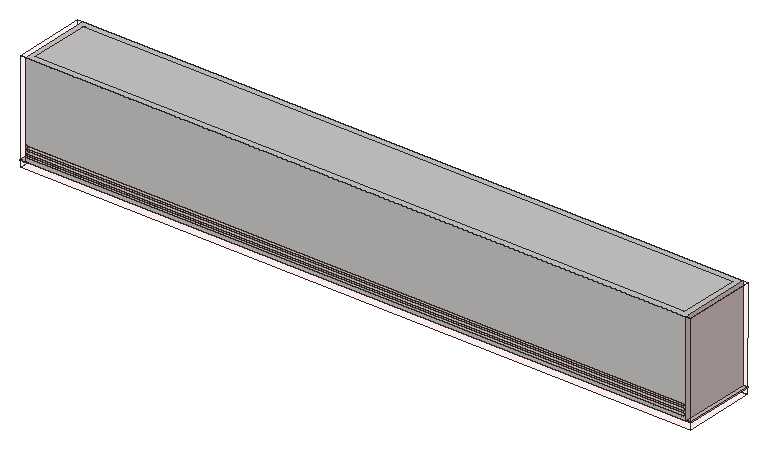
Revit family "Air-Curtain_Specialty_PoweredAire_HDX-Hazardous", category Mechanical Equipment, host Face, Revit 2023
Family settings
  Host = Face
  Round Connector Dimension = Use Diameter
  Part Type = Normal
  OmniClass Number = 23.75.35.17.21
  OmniClass Title = Air Curtains
  Cut with Voids When Loaded = No
  Maintain Annotation Orientation = No
  Shared = No
  Room Calculation Point = No
Parameters (values of type "192'' Nozzle")
  Warranty Duration (Years) = 0
  Unit Width Notes = "Other Widths available."  # constant formula
  Unit Width = 16' - 3 1/4"
  Unit Weight = 1170
  Unit Height = 1' - 9"
  Unit Depth = 2' - 3 1/4"
  URL = "http://www.poweredaire.com/"
  Test Data = ""
  Standards Conformance = "Class I C and D  ;  Class II F and G  ;  Made in USA"
  Specification = "http://www.arcat.com/sdspecs/htm04/23_34_33pai.htm"
  SpecWizard = ""
  Sound Pressure = ">69 dBA"
  Sales Information = "http://www.poweredaire.com/contact_us"
  Revision = "R1_2016-08"
  Projection from Host [instance] = 0' - 2"
  Product Properties = ""
  Product Data = "http://www.arcat.com/arcatcos/cos47/arc47623.html"
  Power Rating = 0 W
  Nozzle Width = if(1 = 1, Unit Width - 0' 3", 0' 0")  # 16' - 0 1/4"
  Mounting Width = if(1 = 1, Unit Width - 0' 1 1/2", 0' 0")  # 16' - 1 3/4"
  Mounting Height [instance] = 3' - 6"
  Motor RPM = 1160
  Motor HP = 3
  Motor Count = 3
  Model = "HDX-3-192"
  Max Height = 17' - 0"
  Manufacturer Website = "http://www.poweredaire.com/"
  Manufacturer Phone - Toll Free = "888-321-2473"
  Manufacturer Phone = "724-588-3305"
  Manufacturer Fax = "724-588-3371"
  Manufacturer Address = "109 Mortensen Rd.  Greenville, PA 16125"
  Manufacturer = "Powered Aire, Inc"
  Maintenance Schedule (Months) = 0
  Keynote = "23 34 33"
  Installation-Fabrication = ""
  Installation Phase = ""
  Include Clearance [instance] = yes
  Heating Element Load = 0 W
  HVAC_Temperature Rise = 0 °F
  HVAC_Outlet Volume = 15700 CFM
  HVAC_Outlet Velocity Uniformity = 0.863
  HVAC_Outlet Velocity = 6200 FPM
  Green Building-LEED = "http://www.arcat.com/green/clients/leed_data_47623.html"
  Front Grating Material [instance] = Metal - Steel - PoweredAire - Stainless 304 Perforated
  Frame Finish [instance] = Metal - Steel - PoweredAire - Stainless 304
  Expected Lifespan (Years) = 0
  Electrical_Wattage [instance] = Power Rating + Heating Element Load  # 0 W
  Electrical_Voltage [instance] = 0 V
  Electrical_Phase [instance] = 1
  Electrical_Frequency [instance] = 0 Hz
  Electrical_Amperage [instance] = 0 A
  Drawn By = "Sumex Design, Inc. / Robert S. Weygant, CSI, CDT, SCIP"
  Description = "Powered Aire Unheated Hazardous Area Air Curtain - HDX-3-192 as Specified"
  Default Elevation = 0' - 0"  # constant formula
  Copyright = "©Arcat Inc."
  Construction Details = "http://www.arcat.com/details/powair/prod3336.html"
  Clearance_Top [instance] = 0' - 0"
  Clearance_Side B [instance] = 0' - 0"
  Clearance_Side A [instance] = 0' - 0"
  Clearance_Intake [instance] = 0' - 0"
  Clearance_Bottom [instance] = 0' - 0"
  Clearance Material [instance] = ARCAT Clearance
  Building Codes = ""
  Available Options [instance] = "as Specified"
  Assembly Code = "D3090400"
Types (7): name | Unit Width | Unit Weight | Sound Pressure | Nozzle Width | Mounting Width | Motor Count | Model | HVAC_Outlet Volume | HVAC_Outlet Velocity Uniformity | HVAC_Outlet Velocity | Description
  192'' Nozzle | 16' - 3 1/4" | 1170 | ">69 dBA" | 16' - 0 1/4" | 16' - 1 3/4" | 3 | "HDX-3-192" | 15700 CFM | 0.863 | 6200 FPM | "Powered Aire Unheated Hazardous Area Air Curtain - HDX-3-192 as Specified"
  180'' Nozzle | 15' - 3 1/4" | 1150 | ">69 dBA" | 15' - 0 1/4" | 15' - 1 3/4" | 3 | "HDX-3-180" | 15000 CFM | 0.863 | 6200 FPM | "Powered Aire Unheated Hazardous Area Air Curtain - HDX-3-180 as Specified"
  144'' Nozzle | 12' - 3 1/8" | 830 | ">69 dBA" | 12' - 0 1/8" | 12' - 1 5/8" | 2 | "HDX-2-144" | 11200 CFM | 0.863 | 5900 FPM | "Powered Aire Unheated Hazardous Area Air Curtain - HDX-2-144 as Specified"
  132'' Nozzle | 11' - 3 1/8" | 805 | ">69 dBA" | 11' - 0 1/8" | 11' - 1 5/8" | 2 | "HDX-2-132" | 10400 CFM | 0.863 | 5900 FPM | "Powered Aire Unheated Hazardous Area Air Curtain - HDX-2-132 as Specified"
  120'' Nozzle | 10' - 3 1/8" | 785 | ">69 dBA" | 10' - 0 1/8" | 10' - 1 5/8" | 2 | "HDX-2-120" | 9700 CFM | 0.92 | 5800 FPM | "Powered Aire Unheated Hazardous Area Air Curtain - HDX-2-120 as Specified"
  72'' Nozzle | 6' - 3" | 420 | "69 dBA" | 6' - 0" | 6' - 1 1/2" | 1 | "HDX-1-72" | 5600 CFM | 0.863 | 5900 FPM | "Powered Aire Unheated Hazardous Area Air Curtain - HDX-1-72 as Specified"
  60'' Nozzle | 5' - 3" | 400 | "69 dBA" | 5' - 0" | 5' - 1 1/2" | 1 | "HDX-1-60" | 4900 CFM | 0.92 | 5800 FPM | "Powered Aire Unheated Hazardous Area Air Curtain - HDX-1-60 as Specified"
Reference planes (in)
  plane 1 "Center (Elevation)": y = 10.63818
  plane 2: z = 0
  plane 3 "Center (Left/Right)": x = 0
  plane 4: y = 21.13818
  plane 5 "BoC": y = 0.13818
  plane 6: x = -97.625
  plane 7: x = 97.625
  plane 8: z = 29.25
  plane 9 "FF": y = -41.86182
  plane 10: z = 2
  plane 11: x = 96.125
  plane 12: x = -96.125
  plane 13: y = 21.13818
  plane 14: y = 0.13818
  plane 15: x = -97.625
  plane 16: x = 97.625
  plane 17: z = 29.25
  plane 18: y = 0.13818
  plane 19: x = 96.0625
  plane 20: x = -96.0625
Forms (in)
  Extrusion 1, solid, material "ARCAT Clearance" <- "Clearance Material", visible <- "Include Clearance"
    sketch origin (0, 0, 0) x (0, 1, 0) y (0, 0, 1)
      loop
        line (0.13818, 29.25) -> (0.13818, 0) -> (21.13818, 0) -> (21.13818, 29.25) -> (0.13818, 29.25)
    from -97.625 to 97.625
  Extrusion 2, solid, material "Metal - Steel - PoweredAire - Stainless 304" <- "Frame Finish"
    sketch origin (0, 10.63818, 0) x (1, 0, 0) y (0, 0, 1)
      loop
        line (96.125, 29.25) -> (-96.125, 29.25) -> (-96.125, 2) -> (96.125, 2) -> (96.125, 29.25)
    from -10.5 to 10.5
  Extrusion 3, void
    sketch origin (0, 0, 0) x (0, 1, 0) y (0, 0, 1)
      loop
        line (0.13818, 4) -> (0.13818, 3) -> (1.63818, 3) -> (1.63818, 6.5) -> (0.13818, 6.5) -> (0.13818, 5.5) -> (1.38818, 5.5) -> (1.38818, 5.25) -> (0.13818, 5.25) -> (0.13818, 4.25) -> (1.38818, 4.25) -> (1.38818, 4) -> (0.13818, 4)
    from -96.0625 to 96.0625
  Extrusion 4, solid, material "Metal - Steel - PoweredAire - Stainless 304" <- "Frame Finish"
    sketch origin (-15.17702, -180, 2) x (-1, 0, 0) y (0, -1, 0)
      loop
        line (-111.30202, -201.13818) -> (-111.30202, -180.13818) -> (-112.80202, -180.13818) -> (-112.80202, -201.13818) -> (-111.30202, -201.13818)
      loop
        line (80.94798, -201.13818) -> (82.44798, -201.13818) -> (82.44798, -180.13818) -> (80.94798, -180.13818) -> (80.94798, -201.13818)
    from 0 to 0.125
  Extrusion 5, solid, material "Metal - Steel - PoweredAire - Stainless 304 Perforated" <- "Front Grating Material"
    sketch origin (96.125, 10.63818, 29.25) x (-1, 0, 0) y (0, -1, 0)
      loop
        line (1.5, -9) -> (190.75, -9) -> (190.75, 9) -> (1.5, 9) -> (1.5, -9)
    from 0 to 0.03125
Cuts and joins
  Extrusion 3 cuts Extrusion 2
Dimensions and locks (in)
  equal spacing: plane 4, plane 1 "Center (Elevation)", plane 5 "BoC"
  "Unit Height": plane 4 to plane 5 "BoC"
  equal spacing: plane 6, plane 3 "Center (Left/Right)", plane 7
  "Unit Width": plane 6 to plane 7
  "Mounting Height": plane 5 "BoC" to plane 9 "FF"
  "Projection from Host": plane 10 to level
  "Unit Depth": plane 8 to plane 10
  locked: plane 6 to plane 12 at 1.5
  locked: plane 11 to plane 7 at 1.5
  "Clearance_Side A": plane 7 to plane 16
  "Clearance_Side B": plane 15 to plane 6
  "Clearance_Top": plane 13 to plane 4
  "Clearance_Bottom": plane 5 "BoC" to plane 14
  "Clearance_Intake": plane 17 to plane 8
  locked: plane 7 to Extrusion 2 sketch curve at 1.5
  locked: Extrusion 2 sketch curve to plane 6 at 1.5
  locked: plane 18 to plane 5 "BoC" at 0
  locked: plane 12 to Extrusion 5 sketch curve at 1.5
  locked: Extrusion 5 sketch curve to plane 11 at 1.5
  locked: Extrusion 5 sketch curve to plane 5 "BoC" at 1.5
  locked: plane 20 to plane 12 at 0.0625
  locked: plane 11 to plane 19 at 0.0625
  Extrusion 3 sketch curve to Extrusion 3 sketch curve to Extrusion 3 sketch curve to Extrusion 3 sketch curve to Extrusion 3 sketch curve to Extrusion 3 sketch curve to plane 10 = 0' - 1" locked, 0' - 0 1/4" locked, 0' - 1" locked, 0' - 0 1/4" locked, 0' - 1" locked, 0' - 1" locked
  locked: plane 4 to Extrusion 5 sketch curve at 1.5
  aligned and locked: plane 2 to host face
  aligned and locked: level to host face
  aligned and locked: Extrusion 1 sketch curve to plane 17
  aligned and locked: plane 14 to Extrusion 1 sketch curve
  aligned and locked: level to Extrusion 1 sketch curve
  aligned and locked: Extrusion 1 sketch curve to plane 13
  aligned and locked: plane 16 to Extrusion 1
  aligned and locked: Extrusion 1 to plane 15
  aligned and locked: Extrusion 2 to plane 4
  aligned and locked: Extrusion 2 to plane 18
  aligned and locked: Extrusion 4 sketch curve to plane 4  (x2)
  aligned and locked: Extrusion 2 sketch curve to plane 10
  aligned and locked: Extrusion 3 to plane 20
  aligned and locked: plane 19 to Extrusion 3
  aligned and locked: Extrusion 2 sketch curve to plane 8
  aligned and locked: plane 18 to Extrusion 4 sketch curve  (x2)
Automatic sketch dimensions
  host sketch curve to host sketch curve = 8' - 0"  (x2)
  Extrusion 4 sketch curve to plane 7 = 0' - 0"
  Extrusion 4 sketch curve to plane 11 = 0' - 0"
  Extrusion 4 sketch curve to plane 12 = 0' - 0"
  Extrusion 4 sketch curve to plane 6 = 0' - 0"
  Extrusion 3 sketch curve to plane 5 "BoC" = 0' - 0"  (x3)
  plane 18 to Extrusion 3 sketch curve = 0' - 1 1/4"
  Extrusion 3 sketch curve to Extrusion 3 sketch curve = 0' - 0"
  Extrusion 3 sketch curve to Extrusion 3 sketch curve = 0' - 0 1/4"
Connectors (in)
  electrical at (-96.125, 10.63818, 15.625), driven by "Electrical_Voltage", driven by "Electrical_Phase"
    settings: on cut or joined group of Extrusion 2, Extrusion 3, index 1, voltage 0 V, apparent load 0 VA, apparent load phase1 0 VA, apparent load phase2 0 VA, apparent load phase3 0 VA, power factor 1, load classification "Other", number of poles 1, system type 31, power factor state 1, is connector primary yes, connector utility no, sub classification motor no, connector description ""
